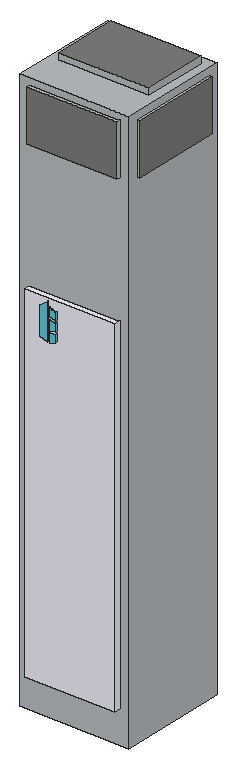
Revit family
Parameters (values of type "MPY(2-Pipe EHeat) - No Risers")
  Weight = "180"
  Width = 1' - 5"
  Water Stubout Height = 3' - 3"
  Voltage = 115 V
  URL = "www.iec-okc.com"
  Type Comments = "ARI Default"
  Total Cooling Capacity = 14508.0 Btu/h
  Toespace Height = 0' - 5"
  Supply Fan Motor Speed = 1
  Supply External Static Pressure = 0.00 in-wg
  Sensible Cooling Capacity = 10327.0 Btu/h
  Revit Family Version = "10/27/2010"
  Return Air Height = 4' - 6"
  Return Air Width = 1' - 2"
  Product Name = "Fan Coil Unit"  # constant formula
  Phase = 1
  Nominal HP = "1/30"
  Model = "MPY(2-Pipe EHeat) - No Risers"
  Minimum Circuit Current = 15 A
  Manufacturer = "IEC"
  Load = 93 VA
  Height = 7' - 4"
  Heating Leaving Dry Bulb Temperature = 112.1 °F
  Heating Entering Dry Bulb Temperature = 70 °F
  Front Supply Air Offset Left = (Width - Supply Air Width) / 2  # 0' - 1 1/2"
  Top Supply Air Offset Rear = 0' - 1 1/4"
  Return Air Offset Left = (Width - Return Air Width) / 2  # 0' - 1 1/2"
  Top Supply Air Offset Left = (Width - Top Supply Width) / 2  # 0' - 1 1/2"
  Supply Air Offset Front = 0' - 1 1/2"
  Frequency = 60 Hz
  Filter Width = 2' - 0 1/4"
  Filter Quantity = 1
  Filter Length = 0' - 1"
  Filter Height = 1' - 0 1/2"
  Filter Efficiency = ""
  Filter Description = "Throwaway, 1 - 24.25X12.5\""
  Fan Quantity = 1
  Family Load Status = "** NOT VALID ** Must be loaded via type catalog"
  Unit Overall Depth = 1' - 10 3/8"
  Electric Heat Voltage = 115 V
  Electric Heat Capacity = 0.0 Btu/h
  Drain Stubout Height = 0' - 3"
  Designation = "FCU"
  Design Supply Air Flow = 420 CFM
  Design Chilled Water Flow = 2.9 GPM
  Description = "Modular Concealed FCU"
  Top Supply Depth = 0' - 10"
  Depth = 1' - 5"
  Cooling Leaving Wet Bulb Temperature = 55.9 °F
  Cooling Leaving Dry Bulb Temperature = 57.5 °F
  Cooling Entering Wet Bulb Temperature = 67 °F
  Cooling Entering Dry Bulb Temperature = 80 °F
  Cooling Coil Water Pressure Drop = 123.74 kPa
  Cooling Coil Row Count = 3
  Clearance Visible [instance] = no
  Chilled Water Leaving Temperature = 55.0 °F
  Chilled Water Entering Temperature = 45.0 °F
  Top Supply Width = 1' - 2"
  Supply Air Height = 0' - 8"
  Assembly Code = "D3050"
  Supply Air Width = 1' - 2"
  Actual Condensate Drain Flow = 0.0 GPM
  ARI Number = ""
Reference planes (in)
  plane 1 "Back": y = 9.625
  plane 2: z = 0
  plane 3 "Left": x = 6
  plane 4: z = 88
  plane 5 "Right": x = 23
  plane 6: y = -7.375
  plane 7: z = 79
  plane 8: z = 87
  plane 9: z = 5
  plane 10: z = 59
  plane 11: x = 14.5
  plane 12: z = 39
  plane 13: y = -8.375
  plane 14: x = 21.5
  plane 15: y = -25.375
  plane 16: x = 7.5
Forms (in)
  Extrusion 1, solid, material "Metal - IEC - Steel"
    sketch origin (0, 0, 0) x (1, 0, 0) y (0, 1, 0)
      loop
        line (6, 9.625) -> (6, -7.375) -> (23, -7.375) -> (23, 9.625) -> (6, 9.625)
    from 0 to 88
  Extrusion 2, solid, material "Paint - IEC - White"
    sketch origin (26.70225, -7.375, 0) x (-1, 0, 0) y (0, 0, -1)
      loop
        line (19.20225, -59) -> (19.20225, -5) -> (5.20225, -5) -> (5.20225, -59) -> (19.20225, -59)
    from 0 to 1
  Extrusion 3, solid, material "Metal - IEC - Steel"
    sketch origin (26.70225, -7.375, 0) x (-1, 0, 0) y (0, 0, -1)
      loop
        line (19.20225, -79) -> (5.20225, -79) -> (5.20225, -87) -> (19.20225, -87) -> (19.20225, -79)
    from 0 to 0.5
  Extrusion 4, solid, material "Metal - IEC - Steel"
    sketch origin (23, 9.625, 0) x (0, -1, 0) y (0, 0, -1)
      loop
        line (15.5, -87) -> (15.5, -79) -> (1.5, -79) -> (1.5, -87) -> (15.5, -87)
    from 0 to 0.5
  Extrusion 5, solid, material "Metal - IEC - Steel"
    sketch origin (6, 6.07152, 0) x (0, 1, 0) y (0, 0, -1)
      loop
        line (-11.94652, -87) -> (2.05348, -87) -> (2.05348, -79) -> (-11.94652, -79) -> (-11.94652, -87)
    from 0 to 0.5
  Extrusion 6, solid, material "Metal - IEC - Steel"
    sketch origin (0, 0, 88) x (1, 0, 0) y (0, 1, 0)
      loop
        line (7.5, 8.375) -> (7.5, -1.625) -> (21.5, -1.625) -> (21.5, 8.375) -> (7.5, 8.375)
    from 0 to 1
  Extrusion 7, solid, material "Copper"
    sketch origin (6, 9.625, 0) x (1, 0, 0) y (0, 0, -1)
      loop
        circle (11.5, -39) r 0.3125
      loop
        circle (5.5, -39) r 0.3125
      loop
        circle (8.5, -3) r 0.4375
    from 0 to 2
  Extrusion 8, solid, material "Clearance", visible <- "Clearance Visible"
    sketch origin (0, 0, 88) x (1, 0, 0) y (0, 1, 0)
      loop
        line (7.5, -8.375) -> (7.5, -25.375) -> (21.5, -25.375) -> (21.5, -8.375) -> (7.5, -8.375)
    from -83 to -29
Dimensions and locks (in)
  "Height": plane 4 to level
  locked: plane 4 to plane 8 at 1
  "Supply Air Height": plane 8 to plane 7
  "Return Air Height": plane 10 to plane 9
  "Toespace Height": plane 9 to level
  "Width": plane 3 "Left" to plane 5 "Right"
  "Depth": plane 6 to plane 1 "Back"
  "Return Air Offset Left": Extrusion 2 sketch curve to plane 3 "Left"
  "Return Air Width": Extrusion 2 sketch curve to Extrusion 2 sketch curve
  locked: plane 6 to Extrusion 2 at 1
  "Front Supply Air Offset Left": plane 3 "Left" to Extrusion 3 sketch curve
  "Supply Air Width": Extrusion 3 sketch curve to Extrusion 3 sketch curve
  locked: plane 6 to Extrusion 3 at 0.5
  "Supply Air Offset Front": plane 6 to Extrusion 4 sketch curve
  "Supply Air Width": Extrusion 4 sketch curve to Extrusion 4 sketch curve
  locked: plane 5 "Right" to Extrusion 4 at 0.5
  "Supply Air Offset Front": plane 6 to Extrusion 4
  "Supply Air Width": Extrusion 4 to Extrusion 4
  "Supply Air Offset Front": Extrusion 5 sketch curve to plane 6
  "Supply Air Width": Extrusion 5 sketch curve to Extrusion 5 sketch curve
  locked: Extrusion 5 to plane 3 "Left" at 0.5
  "Top Supply Air Offset Rear": Extrusion 6 sketch curve to plane 1 "Back"
  "Top Supply Air Offset Left": plane 3 "Left" to Extrusion 6 sketch curve
  "Top Supply Width": Extrusion 6 sketch curve to Extrusion 6 sketch curve
  "Top Supply Depth": Extrusion 6 sketch curve to Extrusion 6 sketch curve
  locked: Extrusion 6 to plane 4 at 1
  equal spacing: plane 3 "Left", plane 11, plane 5 "Right"
  locked: plane 11 to Extrusion 7 sketch curve at 0
  locked: level to Extrusion 7 sketch curve at 3
  locked: level to plane 12 at 39
  locked: plane 12 to Extrusion 7 sketch curve  (x2)
  locked: Extrusion 7 to plane 1 "Back" at 2
  locked: Extrusion 7 sketch curve to plane 11 at 3
  locked: plane 11 to Extrusion 7 sketch curve at 3
  locked: plane 1 "Back" to Extrusion 7 at 2
  "Return Air Width": plane 16 to plane 14
  "Return Air Offset Left": plane 3 "Left" to plane 16
  locked: plane 6 to plane 13 at 1
  locked: plane 6 to plane 15 at 18
  aligned and locked: plane 3 "Left" to Extrusion 1 sketch curve
  aligned and locked: Extrusion 1 sketch curve to plane 1 "Back"
  aligned and locked: plane 6 to Extrusion 1 sketch curve
  aligned and locked: plane 5 "Right" to Extrusion 1 sketch curve
  aligned and locked: Extrusion 1 to level
  aligned and locked: plane 4 to Extrusion 1
  aligned and locked: Extrusion 2 sketch curve to plane 10
  aligned and locked: plane 9 to Extrusion 2 sketch curve
  aligned and locked: plane 6 to Extrusion 2
  aligned and locked: Extrusion 3 sketch curve to plane 7
  aligned and locked: plane 8 to Extrusion 3 sketch curve
  aligned and locked: plane 6 to Extrusion 3
  aligned and locked: Extrusion 4 sketch curve to plane 8
  aligned and locked: plane 7 to Extrusion 4 sketch curve
  aligned and locked: plane 5 "Right" to Extrusion 4
  aligned and locked: plane 8 to Extrusion 5 sketch curve
  aligned and locked: plane 7 to Extrusion 5 sketch curve
  aligned and locked: plane 3 "Left" to Extrusion 5
  aligned and locked: Extrusion 6 to plane 4
  aligned and locked: Extrusion 2 to nested 1
  aligned and locked: nested 1 to plane 11
  aligned and locked: plane 10 to nested 1
  aligned and locked: Extrusion 7 to plane 1 "Back"
  aligned and locked: plane 13 to Extrusion 8
  aligned and locked: plane 15 to Extrusion 8
  aligned and locked: plane 16 to Extrusion 8
  aligned and locked: plane 14 to Extrusion 8
  aligned and locked: Extrusion 8 to plane 9
  aligned and locked: plane 10 to Extrusion 8
Automatic sketch dimensions
  Extrusion 8 sketch curve to Extrusion 1 = 0' - 1 1/2"  (x2)
  Extrusion 1 to Extrusion 8 sketch curve = 1' - 6"
  Extrusion 1 to Extrusion 8 sketch curve = 0' - 1"
  radius of Extrusion 7 sketch curve = 0' - 0 5/16"  (x2)
  radius of Extrusion 7 sketch curve = 0' - 0 7/16"
Nested families (in)
  nested 1: "IEC Logo 3D" at (9.94043, -8.375, 53), type "IEC Logo 3D", detail levels fine
Connectors (in)
  piping at (14.5, 11.625, 3), driven by "Actual Condensate Drain Flow"
    settings: on Extrusion 7, index 1
  piping at (17.5, 11.625, 39), driven by "Design Chilled Water Flow"
    settings: on Extrusion 7, index 3
  piping at (11.5, 11.625, 39), driven by "Design Chilled Water Flow", driven by "Cooling Coil Water Pressure Drop"
    settings: on Extrusion 7, index 4
  hvac at (5.5, 1.125, 83), driven by "Supply Air Width", driven by "Supply Air Height", driven by "Design Supply Air Flow", driven by "Supply External Static Pressure"
    settings: on Extrusion 5, index 6
  hvac at (14.5, -7.875, 83), driven by "Supply Air Width", driven by "Supply Air Height", driven by "Design Supply Air Flow", driven by "Supply External Static Pressure"
    settings: on Extrusion 3, index 7
  hvac at (23.5, 1.125, 83), driven by "Supply Air Width", driven by "Supply Air Height", driven by "Design Supply Air Flow", driven by "Supply External Static Pressure"
    settings: on Extrusion 4, index 8
  electrical at (6, 1.125, 44), driven by "Phase", driven by "Voltage", driven by "Load"
    settings: on Extrusion 1, index 9
  hvac at (14.5, 3.375, 89), driven by "Top Supply Width", driven by "Top Supply Depth", driven by "Design Supply Air Flow", driven by "Supply External Static Pressure"
    settings: on Extrusion 6, index 10
Definition of nested family "IEC Logo 3D"
  Parameters (values of type "IEC Logo 3D")
    URL = "http://www.iec-okc.com"
    Manufacturer = "International Environmental Corporation"
    Copyright © = ""
    Assembly Code = ""
  Reference planes (in)
    plane 1 "Center (Front/Back)": y = 0
    plane 2 "Bottom": z = 0
    plane 3 "Center (Left/Right)": x = 0
    plane 4 "Top": z = 6
    plane 5 "Right": x = 4.55957
  Forms (in)
    Extrusion 1, solid, material "Paint - IEC - Blue"
      sketch origin (-7.48904, 0, -0.43144) x (1, 0, 0) y (0, 0, 1)
        loop
          line (7.48904, 5.12234) -> (7.48904, 0.82309) -> (8.75571, 0.43144) -> (8.75571, 6.02872) -> (7.48904, 5.12234)
        loop
          line (9.02178, 5.27546) -> (9.02178, 3.9333) -> (10.04861, 3.80722) -> (10.04861, 4.95796) -> (9.02178, 5.27546)
        loop
          line (10.04861, 0.77137) -> (10.04861, 1.89143) -> (9.02178, 1.74712) -> (9.02178, 0.43144) -> (10.04861, 0.77137)
        loop
          line (9.02178, 3.52911) -> (9.02178, 2.11424) -> (10.04861, 2.22217) -> (10.04861, 3.43927) -> (9.02178, 3.52911)
      from 0 to 0.125
  Text (in)
    text "Copyright © McQuay International 2009" at (0.00043, 0.00036, 0), in view "Ref. Level"
  Dimensions and locks (in)
    locked: plane 4 "Top" to plane 2 "Bottom" at 6
    locked: Extrusion 1 to plane 1 "Center (Front/Back)" at 0.125
    locked: plane 5 "Right" to Extrusion 1 at 2
    locked: plane 5 "Right" to plane 3 "Center (Left/Right)" at 4.55957
    aligned and locked: plane 2 "Bottom" to level
    aligned and locked: Extrusion 1 to plane 1 "Center (Front/Back)"
